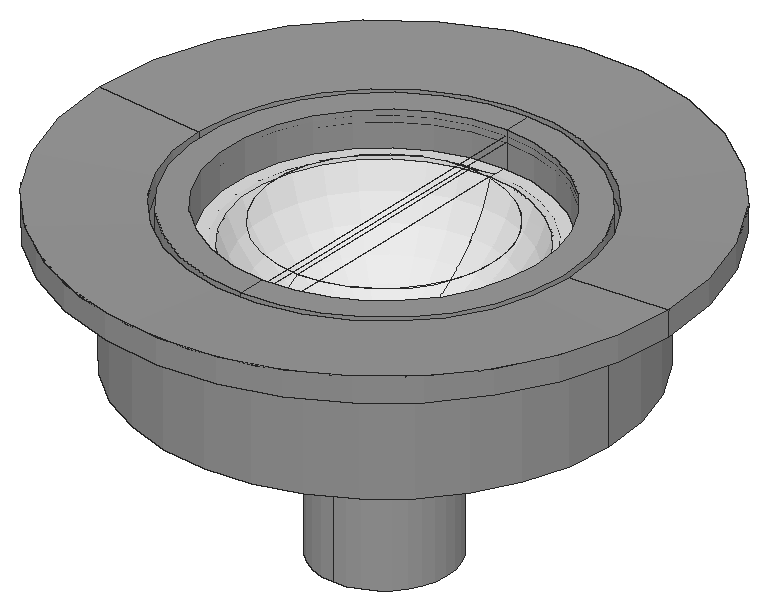
Revit family "3001767 Sylvania Lighting Fixture INSTR SW IP44 REFLED BA NW DIM", category Lighting Fixtures, host Face, Revit 2016
Family settings
  Host = Face
  Part Type = Normal
  Round Connector Dimension = Use Diameter
  OmniClass Number = 23.80.70.00
  OmniClass Title = Lighting
  Cut with Voids When Loaded = No
  Light Source = No
  Shared = No
  Room Calculation Point = No
Parameters (values of type "3001767 INSTR SW IP44 REFLED BA NW DIM")
  Weight = "0.17 kg"
  Wattage Comments = ""
  WarrantyStartDate [instance] = "n/a"
  WarrantyGuarantorParts = "n/a"
  WarrantyDurationUnit = "n/a"
  WarrantyDurationParts = "n/a"
  WarrantyDescription = "n/a"
  Voltage = 230 V
  URL = "http://www.sylvania-lighting.com"
  TypeName = "INSTR SW IP44 REFLED BA NW DIM"
  TypeHead_SYL = Inset Adjustable Head : 3001767 INSTR SW IP44 REFLED BA NW DIM
  Type Image = <None>
  Type Comments = "n/a"
  TiltAngle_SYL [instance] = 0.00°
  SerialNumber [instance] = "n/a"
  RadiusTrimIn_SYL = if(IP44Version_SYL, 31 mm, 28.5 mm)  # 31 mm
  Material_3_FEILO = none
  PowerFactor = 0
  PowerConsumption = "6 W"
  NominalLength = 95 mm
  NominalHeight = 100 mm
  NominalDepth = 95 mm
  Name = "INSTR SW IP44 REFLED BA NW DIM"
  ModelReference = Name  # "INSTR SW IP44 REFLED BA NW DIM"
  ModelNumber = "3001767"
  Model = Name  # "INSTR SW IP44 REFLED BA NW DIM"
  Material = "aluminium housing, plastic diffuser"
  ManufacturerName = "Feilo Sylvania"
  Manufacturer = "Feilo Sylvania"
  LuminousEfficacy = "57.5 lm/W"
  LuminaireType = ""
  LightOutputRatio = "100"
  LampsType = Lamp  # "LED"
  LampNominalLuminous = "345 lm"
  LampMacAdamStep = "n/a"
  LampColourTemperature = "4000 K"
  LampColourRenderingIndex = "80"
  Lamp = "LED"
  IP44Version_SYL = yes
  Keynote = "16500"
  InstallationDate [instance] = "n/a"
  InputVoltage = "220-240V~"
  InputNominalFrequency = "n/a"
  IngressProtection = "IP20/44"
  ImpactProtectionIndex = "IK02"
  IfcExportType = "IfcLightFixtureType"
  IfcExportAs = "IfcLightFixtureType"
  HeightTrim_SYL = if(IP44Version_SYL, 4 mm, 2.5 mm)  # 4 mm
  ExpectedLife = 50000
  EndAngle_SYL [instance] = TiltAngle_SYL + 180.00°  # 180.00°
  ElectricShockClassification = "n/a"
  DurationUnit = "hours"
  DocumentationLiterature = "http://www.sylvania-lighting.com/product/en-int/products/3001767"
  DimmingControlOptions = "Dimmable"
  Material_2_FEILO = none
  RadiusTrim_SYL = if(IP44Version_SYL, 47.5 mm, 41.5 mm)  # 47.5 mm
  Description = ""
  Default Elevation = 1219.2 mm
  CreatedOn = "6/19/2018"
  CreatedBy = "aron.fodor@sylvania-lighting.com"
  Cost = 0
  built-in parameter 1114216 [instance] = (empty or 0)
  ClassificationValue = "EF_70_80"
  ClassificationName = "Uniclass2015"
  Material_1_FEILO = Body-Sylvania-Inset-BA
  BarCode [instance] = "n/a"
  AssetType = "Fixed"
  AssetIdentifier [instance] = "n/a"
  Assembly Code = "D5020200"
  Apparent Load = 6 VA
  Material_4_FEILO = none
Reference planes
  plane 1 "Center (Front/Back)": y = 0
  plane 2: z = 0
  plane 3 "Center (Left/Right)": x = 0
  plane 4: x = -31
  plane 5: x = -37.5
  plane 6: z = -150
  plane 7: x = -47.5
  plane 8: z = 4
  plane 9: z = -20
  plane 10: x = -34.5
  plane 11: z = -3.5
  plane 12: z = 3
Forms (mm)
  Revolve 1, void
    sketch origin (0, 0, 0) x (1, 0, 0) y (0, 0, 1)
      loop
        line (0, 0) -> (-37.5, 0) -> (-37.5, -150) -> (0, -150) -> (0, 0)
      axis (0, 0) -> (0, -150)
    angle from 360 to 0
  Revolve 2, solid, material "Body-Sylvania-Inset-BA" <- "Material_1_FEILO"
    sketch origin (0, 0, 0) x (1, 0, 0) y (0, 0, 1)
      loop
        line (-31, 3) -> (-47.5, 4) -> (-47.5, 0) -> (-37.5, 0) -> (-37.5, -20) -> (-34.5, -20) -> (-34.5, 0) -> (-31, 0) -> (-31, 3)
      axis (0, 4) -> (0, -20)
    angle from 360 to 0
  Revolve 3, solid, not visible
    sketch origin (1223.4, -4572, -3.5) x (0, -1, 0) y (1, 0, 0)
      loop
        line (-4572, -1223.4) -> (-4578.789, -1223.4) -> (-4578.789, -1240.239) -> (-4572, -1240.239) -> (-4572, -1223.4)
      axis (-4572, -1223.4) -> (-4572, -1240.239)
    angle from 0 <- "TiltAngle_SYL" to 180 <- "EndAngle_SYL"
Dimensions and locks
  locked: plane 2 to plane 6 at 150
  "HeightTrim_SYL": plane 8 to plane 2
  "RadiusTrim_SYL": plane 3 "Center (Left/Right)" to plane 7
  locked: plane 3 "Center (Left/Right)" to plane 5 at 37.5
  locked: plane 8 to plane 9 at 24
  locked: plane 10 to plane 5 at 3
  "RadiusTrimIn_SYL": plane 3 "Center (Left/Right)" to plane 4
  locked: plane 8 to plane 11 at 7.5
  locked: plane 8 to plane 12 at 1
  aligned and locked: plane 2 to host face
  aligned and locked: level to host face
  aligned and locked: Revolve 1 sketch curve to plane 3 "Center (Left/Right)"
  aligned and locked: level to Revolve 1 sketch curve
  aligned and locked: plane 3 "Center (Left/Right)" to Revolve 1 sketch curve
  aligned and locked: Revolve 1 sketch curve to plane 5
  aligned and locked: Revolve 1 sketch curve to plane 6
  aligned and locked: plane 4 to Revolve 2 sketch curve  (x2)
  aligned and locked: Revolve 2 sketch curve to plane 7
  aligned and locked: Revolve 2 sketch curve to level  (x2)
  aligned and locked: Revolve 2 sketch curve to plane 5
  aligned and locked: plane 9 to Revolve 2 sketch curve
  aligned and locked: plane 10 to Revolve 2 sketch curve
  aligned and locked: Revolve 3 sketch curve to plane 1 "Center (Front/Back)"
  aligned and locked: Revolve 3 sketch curve to Revolve 3 sketch curve
  aligned and locked: plane 3 "Center (Left/Right)" to Revolve 3 sketch curve
  aligned and locked: plane 12 to Revolve 2 sketch curve
  aligned and locked: plane 3 "Center (Left/Right)" to nested 1
Automatic sketch dimensions
  host sketch curve to host sketch curve = 2438.4 mm  (x2)
  Revolve 1 sketch curve to plane 6 = 459.6 mm
  Revolve 1 sketch curve to plane 8 = 2606.558 mm
  Revolve 2 sketch curve to plane 3 "Center (Left/Right)" = 0 mm
  Revolve 2 sketch curve to plane 6 = 459.6 mm
  Revolve 2 sketch curve to plane 8 = 2606.558 mm
  Revolve 3 sketch curve to plane 1 "Center (Front/Back)" = 6.789 mm
  plane 4 to Revolve 3 sketch curve = 14.161 mm
  Revolve 3 sketch curve to plane 7 = 1476.5 mm
  plane 3 "Center (Left/Right)" to Revolve 3 sketch curve = 1524 mm
  Revolve 2 sketch curve to plane 8 = 0 mm
Nested families
  nested 1: "Inset Adjustable Head" at (0, 0, -3.5) x (0, 1, 0) z (0, 0, 1), type <- "TypeHead_SYL", type "3001767 INSTR SW IP44 REFLED BA NW DIM"
    with built-in parameter 1114216 (empty or 0)
Connectors
  electrical at (0, 0, 0), driven by "Apparent Load", driven by "PowerFactor", driven by "Voltage"
    settings: index 1, voltage 230 V, apparent load 6 VA, apparent load phase1 0 VA, apparent load phase2 0 VA, apparent load phase3 0 VA, power factor 0, load classification "Lighting", number of poles 1, system type 30, power factor state 1, is connector primary yes, connector utility no, sub classification motor no, connector description ""
Definition of nested family "Inset Adjustable Head"
  Parameters (values of type "3001779 INSET TREND SW WH REF SUPV3 40° NW DIM")
    Wattage Comments = "n/a"
    Wattage = 6 W
    built-in parameter 1150110 = 1 (stored number, unit not read)
    URL = "http://www.sylvania-lighting.com"
    Type Image = (empty or 0)
    Type Comments = "n/a"
    built-in parameter 1114217 = 1 (stored number, unit not read)
    Tilt Angle = -90.00°
    built-in parameter 1150109 = 1 (stored number, unit not read)
    built-in parameter 1150134 = 12
    built-in parameter 1150113 = 1 (stored number, unit not read)
    RadiusOut_SYL = if(L_SYL, 30 mm, 27.5 mm)  # 27.5 mm
    Photometric Web File = "0027936.ies"
    Material_5_SYL = none
    Material_3_SYL = none
    Model = "INSET TREND SW WH REF SUPV3 40° NW DIM"
    Manufacturer = "Feilo Sylvania"
    built-in parameter 1150105 = 266.2 (stored number, unit not read)
    Lumens = 414 lm
    built-in parameter 1150115 = 1 (stored number, unit not read)
    built-in parameter 1150137 = (empty or 0)
    built-in parameter 1150139 = (empty or 0)
    built-in parameter 1150112 = 1 (stored number, unit not read)
    built-in parameter 1150114 = 1 (stored number, unit not read)
    Lamp = "LED"
    L_SYL = no
    Keynote = "16500"
    Material_2_SYL = none
    built-in parameter 1150132 = (empty or 0)
    built-in parameter 1150102 = (empty or 0)
    built-in parameter 1150107 = 4000 (stored number, unit not read)
    built-in parameter 1150138 = (empty or 0)
    built-in parameter 1150106 = 2.662 (stored number, unit not read)
    Emit from Circle Diameter = 40 mm
    Emit Shape Visible in Rendering = no
    built-in parameter 1150104 = 6.4103 (stored number, unit not read)
    Dimming Lamp Color Temperature Shift = (empty or 0)
    Description = "GU10 Housing with LED lamp included, Ideal for indoor application, Loop in - loop out box included"
    Default Elevation = 1219.2 mm
    Cost = 0
    Color Filter = 16777215
    built-in parameter 1114216 [instance] = (empty or 0)
    Material_1_SYL = none
    built-in parameter 1114218 = 1 (stored number, unit not read)
    built-in parameter 1150133 = 10 (stored number, unit not read)
    Assembly Code = "D5020200"
    Apparent Load = 6 VA
    Material_4_SYL = none
  Types (16, lengths in mm): name | Wattage | built-in parameter 1150134 | RadiusOut_SYL | Photometric Web File | Model | built-in parameter 1150105 | Lumens | L_SYL | built-in parameter 1150107 | built-in parameter 1150106 | built-in parameter 1150104 | Description | Apparent Load
    3001779 INSET TREND SW WH REF SUPV3 40° NW DIM | 6 W | 12 | 27.5 | "0027936.ies" | "INSET TREND SW WH REF SUPV3 40° NW DIM" | 266.2 (stored number, unit not read) | 414 lm | no | 4000 (stored number, unit not read) | 2.662 (stored number, unit not read) | 6.4103 (stored number, unit not read) | "GU10 Housing with LED lamp included, Ideal for indoor application, Loop in - loop out box included" | 6 VA
    3001778 INSET TREND SW WH REF SUPV3 40° WW DIM | 6 W | (empty or 0) | 27.5 | "0027934.ies" | "INSET TREND SW WH REF SUPV3 40° WW DIM" | 248.03 (stored number, unit not read) | 402 lm | no | 3000 (stored number, unit not read) | 2.4803 (stored number, unit not read) | 6.2245 (stored number, unit not read) | "GU10 Housing with LED lamp included, Ideal for indoor application, Loop in - loop out box included" | 6 VA
    3001775 INSET TREND SW IP44 WH REF SUPV3 40° NW | 5 W | 12 | 30 | "0027930.ies" | "INSET TREND SW IP44 WH REF SUPV3 40° NW" | 244.34 (stored number, unit not read) | 380 lm | yes | 4000 (stored number, unit not read) | 2.4434 (stored number, unit not read) | 7.0606 (stored number, unit not read) | "GU10 Housing with LED lamp included, Ideal for indoor application, Loop in - loop our box included" | 5 VA
    3001774 INSET TREND SW IP44 WH REF SUPV3 40° WW | 5 W | (empty or 0) | 30 | "0027928.ies" | "INSET TREND SW IP44 WH REF SUPV3 40° WW" | 228.29 (stored number, unit not read) | 370 lm | yes | 3000 (stored number, unit not read) | 2.2829 (stored number, unit not read) | 6.8748 (stored number, unit not read) | "GU10 Housing with LED lamp included, Ideal for indoor application, Loop in - loop out box included" | 5 VA
    3001773 INSET TREND SW BA REF SUPV3 40° NW | 5 W | 12 | 27.5 | "0027930.ies" | "INSET TREND SW BA REF SUPV3 40° NW" | 244.34 (stored number, unit not read) | 380 lm | no | 4000 (stored number, unit not read) | 2.4434 (stored number, unit not read) | 7.0606 (stored number, unit not read) | "GU10 Housing with LED lamp included, Ideal for indoor application, Loop in - loop out box included" | 5 VA
    3001772 INSET TREND SW BA REF SUPV3 40° WW | 5 W | (empty or 0) | 27.5 | "0027928.ies" | "INSET TREND SW BA REF SUPV3 40° WW" | 228.29 (stored number, unit not read) | 370 lm | no | 3000 (stored number, unit not read) | 2.2829 (stored number, unit not read) | 6.8748 (stored number, unit not read) | "GU10 Housing with LED lamp included, Ideal for indoor application, Loop in - loop out box included" | 5 VA
    3001771 INSET TREND SW WH REF SUPV3 40°NW | 5 W | 12 | 27.5 | "0027930.ies" | "INSET TREND SW WH REF SUPV3 40°NW" | 244.34 (stored number, unit not read) | 380 lm | no | 4000 (stored number, unit not read) | 2.4434 (stored number, unit not read) | 7.0606 (stored number, unit not read) | "GU10 Housing with LED lamp included, Ideal for indoor application, Loop in - loop out box included" | 5 VA
    3001770 INSET TREND SW WH REF SUPV3 40°WW | 5 W | (empty or 0) | 27.5 | "0027928.ies" | "INSET TREND SW WH REF SUPV3 40°WW" | 228.29 (stored number, unit not read) | 370 lm | no | 3000 (stored number, unit not read) | 2.2829 (stored number, unit not read) | 6.8748 (stored number, unit not read) | "GU10 Housing with LED lamp included, Ideal for indoor application, Loop in - loop out box included" | 5 VA
    3001767 INSTR SW IP44 REFLED BA NW DIM | 6 W | 12 | 30 | "0027928.ies" | "INSTR SW IP44 REFLED BA NW DIM" | 212.87 (stored number, unit not read) | 345 lm | yes | 4000 (stored number, unit not read) | 2.1287 (stored number, unit not read) | 5.3419 (stored number, unit not read) | "" | 6 VA
    3001766 INSTR SW IP44 REFLED BA WW DIM | 6 W | (empty or 0) | 30 | "0027928.ies" | "INSTR SW IP44 REFLED BA WW DIM" | 212.87 (stored number, unit not read) | 345 lm | yes | 3000 (stored number, unit not read) | 2.1287 (stored number, unit not read) | 5.3419 (stored number, unit not read) | "" | 6 VA
    3001765 INS TR IP44 REFLED ES50 36° WH NW DIM | 6 W | 12 | 30 | "0027928.ies" | "INS TR IP44 REFLED ES50 36° WH NW DIM" | 212.87 (stored number, unit not read) | 345 lm | yes | 4000 (stored number, unit not read) | 2.1287 (stored number, unit not read) | 5.3419 (stored number, unit not read) | "" | 6 VA
    3001764 INS TR IP44 REFLED ES50 36° WH WW DIM | 6 W | (empty or 0) | 30 | "0027928.ies" | "INS TR IP44 REFLED ES50 36° WH WW DIM" | 212.87 (stored number, unit not read) | 345 lm | yes | 3000 (stored number, unit not read) | 2.1287 (stored number, unit not read) | 5.3419 (stored number, unit not read) | "" | 6 VA
    3001763 INS TR SW REFLED ES50 36° BA NW DIM | 6 W | 12 | 27.5 | "0027928.ies" | "INS TR SW REFLED ES50 36° BA NW DIM" | 212.87 (stored number, unit not read) | 345 lm | no | 4000 (stored number, unit not read) | 2.1287 (stored number, unit not read) | 5.3419 (stored number, unit not read) | "" | 6 VA
    3001762 INS TR SW REFLED ES50 36° BN WW DIM | 6 W | (empty or 0) | 27.5 | "0027928.ies" | "INS TR SW REFLED ES50 36° BN WW DIM" | 212.87 (stored number, unit not read) | 345 lm | no | 3000 (stored number, unit not read) | 2.1287 (stored number, unit not read) | 5.3419 (stored number, unit not read) | "" | 6 VA
    3001761 INS TR SW REFLED ES50 36° WH NW DIM | 6 W | 12 | 27.5 | "0027928.ies" | "INS TR SW REFLED ES50 36° WH NW DIM" | 212.87 (stored number, unit not read) | 345 lm | no | 4000 (stored number, unit not read) | 2.1287 (stored number, unit not read) | 5.3419 (stored number, unit not read) | "" | 6 VA
    3001760 INS TR SW REFLED ES50 36° WH WW DIM | 6 W | (empty or 0) | 27.5 | "0027928.ies" | "INS TR SW REFLED ES50 36° WH WW DIM" | 212.87 (stored number, unit not read) | 345 lm | no | 3000 (stored number, unit not read) | 2.1287 (stored number, unit not read) | 5.3419 (stored number, unit not read) | "" | 6 VA
  Reference planes
    plane 1 "Center (Front/Back)": y = 0
    plane 2: z = 0
    plane 3 "Center (Left/Right)": x = 0
    plane 4: x = -25
    plane 5: x = -22
    plane 6: x = -25.5
    plane 7: x = -27.5
    plane 8: z = -15.5
    plane 9: z = 6.5
    plane 10: z = 1
    plane 11: z = 4
    plane 12: x = -18
    plane 13: z = -0.8
    plane 14: x = -23
    plane 15: z = -45.3
    plane 16: z = -23.6
    plane 17: x = -10.5
    plane 18: z = 5.656
    plane 19: z = 4.656
  Forms (mm)
    Extrusion 1, solid
      sketch origin (4.2, 0, 0) x (1, 0, 0) y (0, 1, 0)
        loop
          line (-1219.2, 1219.2) -> (-1219.2, -1219.2) -> (1219.2, -1219.2) -> (1219.2, 1219.2) -> (-1219.2, 1219.2)
      from 0 to -68.017
    Revolve 2, solid, material <- "Material_4_SYL"
      sketch origin (0, 0, 0) x (1, 0, 0) y (0, 0, 1)
        loop
          line (-27.5, 6.5) -> (-27.5, -15.5) -> (-25.5, -15.5) -> (-25.5, 6.5) -> (-27.5, 6.5)
        axis (0, 6.5) -> (0, -15.5)
      angle from 360 to 0
    Revolve 3, solid
      sketch origin (0, 0, 0) x (1, 0, 0) y (0, 0, 1)
        loop
          line (-22, 1) -> (-25, 1) -> (-25, -0.8) -> (-23, -0.8)
          arc (-23, -0.8) -> (-19.516, -12.494) -> (-12.128, -22.205) r 34
          arc (-12.128, -22.205) -> (-10.925, -23.879) -> (-10.5, -25.897) r 5
          line (-10.5, -25.897) -> (-10.5, -45.3) -> (0, -45.3) -> (0, -15.5)
          arc (0, -15.5) -> (-13.75, -10.917) -> (-22, 1) r 22.917
        axis (0, 1) -> (0, -45.3)
      angle from 360 to 0
    Revolve 4, solid, material <- "Material_2_SYL"
      sketch origin (0, 0, 0) x (1, 0, 0) y (0, 0, 1)
        loop
          line (-23, 1) -> (0, 1) -> (0, 4) -> (-18, 4) -> (-23, 1)
        axis (0, 4) -> (0, 1)
      angle from 360 to 0
    Revolve 5, solid, material <- "Material_2_SYL", visible <- "L_SYL"
      sketch origin (0, 0, 0) x (1, 0, 0) y (0, 0, 1)
        loop
          line (-25.5, 5.656) -> (-25.5, 4.656) -> (0, 4.656) -> (0, 5.656) -> (-25.5, 5.656)
        axis (0, 5.656) -> (0, 4.656)
      angle from 360 to 0
  Dimensions and locks
    locked: plane 2 to plane 8 at 15.5
    locked: plane 9 to plane 8 at 22
    "RadiusOut_SYL": plane 3 "Center (Left/Right)" to plane 7
    locked: plane 3 "Center (Left/Right)" to plane 4 at 25
    locked: plane 9 to plane 10 at 5.5
    locked: plane 11 to plane 10 at 3
    locked: plane 12 to plane 5 at 4
    locked: plane 10 to plane 13 at 1.8
    locked: plane 14 to plane 4 at 2
    locked: plane 11 to plane 16 at 27.6
    locked: plane 11 to plane 15 at 49.3
    locked: plane 3 "Center (Left/Right)" to plane 17 at 10.5
    locked: plane 5 to plane 4 at 3
    locked: plane 3 "Center (Left/Right)" to plane 6 at 25.5
    locked: plane 18 to plane 19 at 1
    locked: plane 9 to plane 18 at 0.844
    radius of Revolve 3 sketch curve = 34 mm
    radius of Revolve 3 sketch curve = 22.917 mm
    aligned and locked: plane 2 to Extrusion 1
    aligned and locked: level to Extrusion 1
    aligned and locked: Revolve 2 sketch curve to plane 3 "Center (Left/Right)"
    aligned and locked: Revolve 2 sketch curve to plane 9
    aligned and locked: plane 7 to Revolve 2 sketch curve
    aligned and locked: plane 8 to Revolve 2 sketch curve
    aligned and locked: Revolve 2 sketch curve to plane 6
    aligned and locked: Revolve 3 sketch curve to plane 3 "Center (Left/Right)"  (x2)
    aligned and locked: plane 10 to Revolve 3 sketch curve
    aligned and locked: Revolve 3 sketch curve to plane 4
    aligned and locked: plane 14 to Revolve 3 sketch curve
    aligned and locked: Revolve 3 sketch curve to plane 13
    aligned and locked: plane 15 to Revolve 3 sketch curve
    aligned and locked: Revolve 3 sketch curve to plane 17
    aligned and locked: plane 5 to Revolve 3 sketch curve
    aligned and locked: Revolve 4 sketch curve to plane 3 "Center (Left/Right)"  (x2)
    aligned and locked: plane 14 to Revolve 4 sketch curve
    aligned and locked: plane 12 to Revolve 4 sketch curve
    aligned and locked: Revolve 4 sketch curve to plane 11
    aligned and locked: Revolve 4 sketch curve to plane 10
    aligned and locked: plane 11 to imposter light
    aligned and locked: Revolve 5 sketch curve to plane 3 "Center (Left/Right)"  (x2)
    aligned and locked: Revolve 5 sketch curve to plane 18
    aligned and locked: plane 6 to Revolve 5 sketch curve
    aligned and locked: plane 19 to Revolve 5 sketch curve
  Automatic sketch dimensions
    Extrusion 1 sketch curve to Extrusion 1 sketch curve = 2438.4 mm  (x2)
    Revolve 2 sketch curve to plane 15 = 564.3 mm
    plane 9 to Revolve 2 sketch curve = 2602.558 mm
    plane 12 to Revolve 3 sketch curve = 2.5 mm
    Revolve 3 sketch curve to plane 11 = 1.097 mm
    Revolve 3 sketch curve to plane 16 = 2.297 mm
    Revolve 3 sketch curve to plane 15 = 564.3 mm
    Revolve 3 sketch curve to Revolve 3 sketch curve = 2601.641 mm
    Revolve 4 sketch curve to plane 15 = 564.3 mm
    plane 9 to Revolve 4 sketch curve = 2602.558 mm
    Revolve 5 sketch curve to plane 15 = 564.3 mm
    plane 9 to Revolve 5 sketch curve = 2602.558 mm
